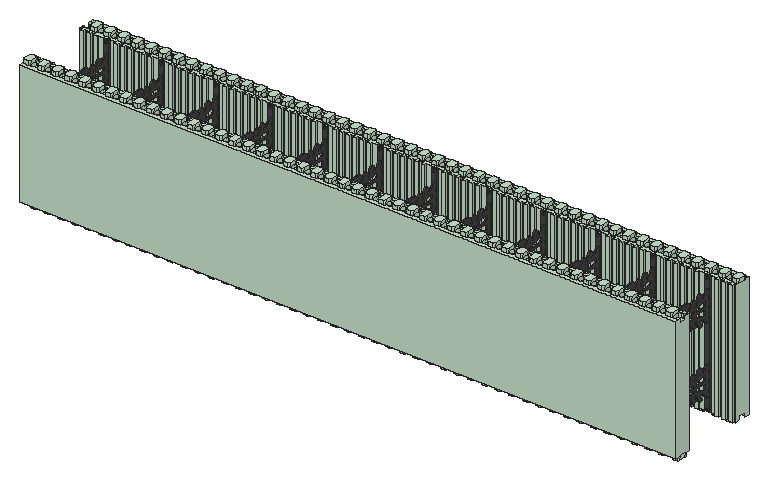
Revit family (continued)
Forms (mm)
  Extrusion 167, void
    sketch origin (1320.8, 0.026, 0) x (1, 0, 0) y (0, 1, 0)
      loop
        line (44.346, 92.457) -> (44.346, 86.829) -> (48.685, 86.829) -> (48.685, 95.62)
        arc (48.685, 95.62) -> (48.795, 96.199) -> (49.108, 96.698) r 1.588
        arc (49.108, 96.698) -> (50.362, 98.696) -> (50.8, 101.014) r 6.35
        line (50.8, 101.014) -> (50.8, 124.411)
        arc (50.8, 124.411) -> (49.585, 128.147) -> (46.404, 130.453) r 6.35
        arc (46.404, 130.453) -> (38.1, 131.763) -> (29.796, 130.453) r 26.987
        arc (29.796, 130.453) -> (26.615, 128.147) -> (25.4, 124.411) r 6.35
    from 0 to 12.7
  Extrusion 168, void
    sketch origin (1270, 0.026, 0) x (1, 0, 0) y (0, 1, 0)
      loop
        line (25.4, 124.411) -> (25.4, 101.014)
        arc (25.4, 101.014) -> (26.615, 97.278) -> (29.796, 94.972) r 6.35
        arc (29.796, 94.972) -> (36.091, 93.737) -> (42.5, 94.024) r 26.988
        arc (42.5, 94.024) -> (43.786, 93.668) -> (44.346, 92.457) r 1.587
        line (44.346, 92.457) -> (44.346, 86.829) -> (48.685, 86.829) -> (48.685, 95.62)
        arc (48.685, 95.62) -> (48.795, 96.199) -> (49.108, 96.698) r 1.588
        arc (49.108, 96.698) -> (50.362, 98.696) -> (50.8, 101.014) r 6.35
        line (50.8, 101.014) -> (50.8, 124.411)
        arc (50.8, 124.411) -> (49.585, 128.147) -> (46.404, 130.453) r 6.35
        arc (46.404, 130.453) -> (38.1, 131.763) -> (29.796, 130.453) r 26.987
        arc (29.796, 130.453) -> (26.615, 128.147) -> (25.4, 124.411) r 6.35
    from 0 to 12.7
  Extrusion 169, void
    sketch origin (1219.2, 0.026, 0) x (1, 0, 0) y (0, 1, 0)
      loop
        line (25.4, 124.411) -> (25.4, 101.014)
        arc (25.4, 101.014) -> (26.615, 97.278) -> (29.796, 94.972) r 6.35
        arc (29.796, 94.972) -> (36.091, 93.737) -> (42.5, 94.024) r 26.988
        arc (42.5, 94.024) -> (43.786, 93.668) -> (44.346, 92.457) r 1.587
        line (44.346, 92.457) -> (44.346, 86.829) -> (48.685, 86.829) -> (48.685, 95.62)
        arc (48.685, 95.62) -> (48.795, 96.199) -> (49.108, 96.698) r 1.588
        arc (49.108, 96.698) -> (50.362, 98.696) -> (50.8, 101.014) r 6.35
        line (50.8, 101.014) -> (50.8, 124.411)
        arc (50.8, 124.411) -> (49.585, 128.147) -> (46.404, 130.453) r 6.35
        arc (46.404, 130.453) -> (38.1, 131.763) -> (29.796, 130.453) r 26.987
        arc (29.796, 130.453) -> (26.615, 128.147) -> (25.4, 124.411) r 6.35
    from 0 to 12.7
  Extrusion 170, void
    sketch origin (1168.4, 0.026, 0) x (1, 0, 0) y (0, 1, 0)
      loop
        line (25.4, 124.411) -> (25.4, 101.014)
        arc (25.4, 101.014) -> (26.615, 97.278) -> (29.796, 94.972) r 6.35
        arc (29.796, 94.972) -> (36.091, 93.737) -> (42.5, 94.024) r 26.988
        arc (42.5, 94.024) -> (43.786, 93.668) -> (44.346, 92.457) r 1.587
        line (44.346, 92.457) -> (44.346, 86.829) -> (48.685, 86.829) -> (48.685, 95.62)
        arc (48.685, 95.62) -> (48.795, 96.199) -> (49.108, 96.698) r 1.588
        arc (49.108, 96.698) -> (50.362, 98.696) -> (50.8, 101.014) r 6.35
        line (50.8, 101.014) -> (50.8, 124.411)
        arc (50.8, 124.411) -> (49.585, 128.147) -> (46.404, 130.453) r 6.35
        arc (46.404, 130.453) -> (38.1, 131.763) -> (29.796, 130.453) r 26.987
        arc (29.796, 130.453) -> (26.615, 128.147) -> (25.4, 124.411) r 6.35
    from 0 to 12.7
  Extrusion 171, void
    sketch origin (1117.6, 0.026, 0) x (1, 0, 0) y (0, 1, 0)
      loop
        line (25.4, 124.411) -> (25.4, 101.014)
        arc (25.4, 101.014) -> (26.615, 97.278) -> (29.796, 94.972) r 6.35
        arc (29.796, 94.972) -> (36.091, 93.737) -> (42.5, 94.024) r 26.988
        arc (42.5, 94.024) -> (43.786, 93.668) -> (44.346, 92.457) r 1.587
        line (44.346, 92.457) -> (44.346, 86.829) -> (48.685, 86.829) -> (48.685, 95.62)
        arc (48.685, 95.62) -> (48.795, 96.199) -> (49.108, 96.698) r 1.588
        arc (49.108, 96.698) -> (50.362, 98.696) -> (50.8, 101.014) r 6.35
        line (50.8, 101.014) -> (50.8, 124.411)
        arc (50.8, 124.411) -> (49.585, 128.147) -> (46.404, 130.453) r 6.35
        arc (46.404, 130.453) -> (38.1, 131.763) -> (29.796, 130.453) r 26.987
        arc (29.796, 130.453) -> (26.615, 128.147) -> (25.4, 124.411) r 6.35
    from 0 to 12.7
  Extrusion 172, void
    sketch origin (1066.8, 0.026, 0) x (1, 0, 0) y (0, 1, 0)
      loop
        line (25.4, 124.411) -> (25.4, 101.014)
        arc (25.4, 101.014) -> (26.615, 97.278) -> (29.796, 94.972) r 6.35
        arc (29.796, 94.972) -> (36.091, 93.737) -> (42.5, 94.024) r 26.988
        arc (42.5, 94.024) -> (43.786, 93.668) -> (44.346, 92.457) r 1.587
        line (44.346, 92.457) -> (44.346, 86.829) -> (48.685, 86.829) -> (48.685, 95.62)
        arc (48.685, 95.62) -> (48.795, 96.199) -> (49.108, 96.698) r 1.588
        arc (49.108, 96.698) -> (50.362, 98.696) -> (50.8, 101.014) r 6.35
        line (50.8, 101.014) -> (50.8, 124.411)
        arc (50.8, 124.411) -> (49.585, 128.147) -> (46.404, 130.453) r 6.35
        arc (46.404, 130.453) -> (38.1, 131.763) -> (29.796, 130.453) r 26.987
        arc (29.796, 130.453) -> (26.615, 128.147) -> (25.4, 124.411) r 6.35
    from 0 to 12.7
  Extrusion 173, void
    sketch origin (1016, 0.026, 0) x (1, 0, 0) y (0, 1, 0)
      loop
        line (25.4, 124.411) -> (25.4, 101.014)
        arc (25.4, 101.014) -> (26.615, 97.278) -> (29.796, 94.972) r 6.35
        arc (29.796, 94.972) -> (36.091, 93.737) -> (42.5, 94.024) r 26.988
        arc (42.5, 94.024) -> (43.786, 93.668) -> (44.346, 92.457) r 1.587
        line (44.346, 92.457) -> (44.346, 86.829) -> (48.685, 86.829) -> (48.685, 95.62)
        arc (48.685, 95.62) -> (48.795, 96.199) -> (49.108, 96.698) r 1.588
        arc (49.108, 96.698) -> (50.362, 98.696) -> (50.8, 101.014) r 6.35
        line (50.8, 101.014) -> (50.8, 124.411)
        arc (50.8, 124.411) -> (49.585, 128.147) -> (46.404, 130.453) r 6.35
        arc (46.404, 130.453) -> (38.1, 131.763) -> (29.796, 130.453) r 26.987
        arc (29.796, 130.453) -> (26.615, 128.147) -> (25.4, 124.411) r 6.35
    from 0 to 12.7
  Extrusion 174, void
    sketch origin (965.2, 0.026, 0) x (1, 0, 0) y (0, 1, 0)
      loop
        line (25.4, 124.411) -> (25.4, 101.014)
        arc (25.4, 101.014) -> (26.615, 97.278) -> (29.796, 94.972) r 6.35
        arc (29.796, 94.972) -> (36.091, 93.737) -> (42.5, 94.024) r 26.988
        arc (42.5, 94.024) -> (43.786, 93.668) -> (44.346, 92.457) r 1.587
        line (44.346, 92.457) -> (44.346, 86.829) -> (48.685, 86.829) -> (48.685, 95.62)
        arc (48.685, 95.62) -> (48.795, 96.199) -> (49.108, 96.698) r 1.588
        arc (49.108, 96.698) -> (50.362, 98.696) -> (50.8, 101.014) r 6.35
        line (50.8, 101.014) -> (50.8, 124.411)
        arc (50.8, 124.411) -> (49.585, 128.147) -> (46.404, 130.453) r 6.35
        arc (46.404, 130.453) -> (38.1, 131.763) -> (29.796, 130.453) r 26.987
        arc (29.796, 130.453) -> (26.615, 128.147) -> (25.4, 124.411) r 6.35
    from 0 to 12.7
  Extrusion 175, void
    sketch origin (914.4, 0.026, 0) x (1, 0, 0) y (0, 1, 0)
      loop
        line (25.4, 124.411) -> (25.4, 101.014)
        arc (25.4, 101.014) -> (26.615, 97.278) -> (29.796, 94.972) r 6.35
        arc (29.796, 94.972) -> (36.091, 93.737) -> (42.5, 94.024) r 26.988
        arc (42.5, 94.024) -> (43.786, 93.668) -> (44.346, 92.457) r 1.587
        line (44.346, 92.457) -> (44.346, 86.829) -> (48.685, 86.829) -> (48.685, 95.62)
        arc (48.685, 95.62) -> (48.795, 96.199) -> (49.108, 96.698) r 1.588
        arc (49.108, 96.698) -> (50.362, 98.696) -> (50.8, 101.014) r 6.35
        line (50.8, 101.014) -> (50.8, 124.411)
        arc (50.8, 124.411) -> (49.585, 128.147) -> (46.404, 130.453) r 6.35
        arc (46.404, 130.453) -> (38.1, 131.763) -> (29.796, 130.453) r 26.987
        arc (29.796, 130.453) -> (26.615, 128.147) -> (25.4, 124.411) r 6.35
    from 0 to 12.7
  Extrusion 176, void
    sketch origin (863.6, 0.026, 0) x (1, 0, 0) y (0, 1, 0)
      loop
        line (25.4, 124.411) -> (25.4, 101.014)
        arc (25.4, 101.014) -> (26.615, 97.278) -> (29.796, 94.972) r 6.35
        arc (29.796, 94.972) -> (36.091, 93.737) -> (42.5, 94.024) r 26.988
        arc (42.5, 94.024) -> (43.786, 93.668) -> (44.346, 92.457) r 1.587
        line (44.346, 92.457) -> (44.346, 86.829) -> (48.685, 86.829) -> (48.685, 95.62)
        arc (48.685, 95.62) -> (48.795, 96.199) -> (49.108, 96.698) r 1.588
        arc (49.108, 96.698) -> (50.362, 98.696) -> (50.8, 101.014) r 6.35
        line (50.8, 101.014) -> (50.8, 124.411)
        arc (50.8, 124.411) -> (49.585, 128.147) -> (46.404, 130.453) r 6.35
        arc (46.404, 130.453) -> (38.1, 131.763) -> (29.796, 130.453) r 26.987
        arc (29.796, 130.453) -> (26.615, 128.147) -> (25.4, 124.411) r 6.35
    from 0 to 12.7
  Extrusion 177, void
    sketch origin (812.8, 0.026, 0) x (1, 0, 0) y (0, 1, 0)
      loop
        line (25.4, 124.411) -> (25.4, 101.014)
        arc (25.4, 101.014) -> (26.615, 97.278) -> (29.796, 94.972) r 6.35
        arc (29.796, 94.972) -> (36.091, 93.737) -> (42.5, 94.024) r 26.988
        arc (42.5, 94.024) -> (43.786, 93.668) -> (44.346, 92.457) r 1.587
        line (44.346, 92.457) -> (44.346, 86.829) -> (48.685, 86.829) -> (48.685, 95.62)
        arc (48.685, 95.62) -> (48.795, 96.199) -> (49.108, 96.698) r 1.588
        arc (49.108, 96.698) -> (50.362, 98.696) -> (50.8, 101.014) r 6.35
        line (50.8, 101.014) -> (50.8, 124.411)
        arc (50.8, 124.411) -> (49.585, 128.147) -> (46.404, 130.453) r 6.35
        arc (46.404, 130.453) -> (38.1, 131.763) -> (29.796, 130.453) r 26.987
        arc (29.796, 130.453) -> (26.615, 128.147) -> (25.4, 124.411) r 6.35
    from 0 to 12.7
  Extrusion 178, void
    sketch origin (762, 0.026, 0) x (1, 0, 0) y (0, 1, 0)
      loop
        line (25.4, 124.411) -> (25.4, 101.014)
        arc (25.4, 101.014) -> (26.615, 97.278) -> (29.796, 94.972) r 6.35
        arc (29.796, 94.972) -> (36.091, 93.737) -> (42.5, 94.024) r 26.988
        arc (42.5, 94.024) -> (43.786, 93.668) -> (44.346, 92.457) r 1.587
        line (44.346, 92.457) -> (44.346, 86.829) -> (48.685, 86.829) -> (48.685, 95.62)
        arc (48.685, 95.62) -> (48.795, 96.199) -> (49.108, 96.698) r 1.588
        arc (49.108, 96.698) -> (50.362, 98.696) -> (50.8, 101.014) r 6.35
        line (50.8, 101.014) -> (50.8, 124.411)
        arc (50.8, 124.411) -> (49.585, 128.147) -> (46.404, 130.453) r 6.35
        arc (46.404, 130.453) -> (38.1, 131.763) -> (29.796, 130.453) r 26.987
        arc (29.796, 130.453) -> (26.615, 128.147) -> (25.4, 124.411) r 6.35
    from 0 to 12.7
  Extrusion 179, void
    sketch origin (711.2, 0.026, 0) x (1, 0, 0) y (0, 1, 0)
      loop
        line (25.4, 124.411) -> (25.4, 101.014)
        arc (25.4, 101.014) -> (26.615, 97.278) -> (29.796, 94.972) r 6.35
        arc (29.796, 94.972) -> (36.091, 93.737) -> (42.5, 94.024) r 26.988
        arc (42.5, 94.024) -> (43.786, 93.668) -> (44.346, 92.457) r 1.587
        line (44.346, 92.457) -> (44.346, 86.829) -> (48.685, 86.829) -> (48.685, 95.62)
        arc (48.685, 95.62) -> (48.795, 96.199) -> (49.108, 96.698) r 1.588
        arc (49.108, 96.698) -> (50.362, 98.696) -> (50.8, 101.014) r 6.35
        line (50.8, 101.014) -> (50.8, 124.411)
        arc (50.8, 124.411) -> (49.585, 128.147) -> (46.404, 130.453) r 6.35
        arc (46.404, 130.453) -> (38.1, 131.763) -> (29.796, 130.453) r 26.987
        arc (29.796, 130.453) -> (26.615, 128.147) -> (25.4, 124.411) r 6.35
    from 0 to 12.7
  Extrusion 180, void
    sketch origin (660.4, 0.026, 0) x (1, 0, 0) y (0, 1, 0)
      loop
        line (25.4, 124.411) -> (25.4, 101.014)
        arc (25.4, 101.014) -> (26.615, 97.278) -> (29.796, 94.972) r 6.35
        arc (29.796, 94.972) -> (36.091, 93.737) -> (42.5, 94.024) r 26.988
        arc (42.5, 94.024) -> (43.786, 93.668) -> (44.346, 92.457) r 1.587
        line (44.346, 92.457) -> (44.346, 86.829) -> (48.685, 86.829) -> (48.685, 95.62)
        arc (48.685, 95.62) -> (48.795, 96.199) -> (49.108, 96.698) r 1.588
        arc (49.108, 96.698) -> (50.362, 98.696) -> (50.8, 101.014) r 6.35
        line (50.8, 101.014) -> (50.8, 124.411)
        arc (50.8, 124.411) -> (49.585, 128.147) -> (46.404, 130.453) r 6.35
        arc (46.404, 130.453) -> (38.1, 131.763) -> (29.796, 130.453) r 26.987
        arc (29.796, 130.453) -> (26.615, 128.147) -> (25.4, 124.411) r 6.35
    from 0 to 12.7
  Extrusion 181, void
    sketch origin (609.6, 0.026, 0) x (1, 0, 0) y (0, 1, 0)
      loop
        line (25.4, 124.411) -> (25.4, 101.014)
        arc (25.4, 101.014) -> (26.615, 97.278) -> (29.796, 94.972) r 6.35
        arc (29.796, 94.972) -> (36.091, 93.737) -> (42.5, 94.024) r 26.988
        arc (42.5, 94.024) -> (43.786, 93.668) -> (44.346, 92.457) r 1.587
        line (44.346, 92.457) -> (44.346, 86.829) -> (48.685, 86.829) -> (48.685, 95.62)
        arc (48.685, 95.62) -> (48.795, 96.199) -> (49.108, 96.698) r 1.588
        arc (49.108, 96.698) -> (50.362, 98.696) -> (50.8, 101.014) r 6.35
        line (50.8, 101.014) -> (50.8, 124.411)
        arc (50.8, 124.411) -> (49.585, 128.147) -> (46.404, 130.453) r 6.35
        arc (46.404, 130.453) -> (38.1, 131.763) -> (29.796, 130.453) r 26.987
        arc (29.796, 130.453) -> (26.615, 128.147) -> (25.4, 124.411) r 6.35
    from 0 to 12.7
  Extrusion 182, void
    sketch origin (558.8, 0.026, 0) x (1, 0, 0) y (0, 1, 0)
      loop
        line (25.4, 124.411) -> (25.4, 101.014)
        arc (25.4, 101.014) -> (26.615, 97.278) -> (29.796, 94.972) r 6.35
        arc (29.796, 94.972) -> (36.091, 93.737) -> (42.5, 94.024) r 26.988
        arc (42.5, 94.024) -> (43.786, 93.668) -> (44.346, 92.457) r 1.587
        line (44.346, 92.457) -> (44.346, 86.829) -> (48.685, 86.829) -> (48.685, 95.62)
        arc (48.685, 95.62) -> (48.795, 96.199) -> (49.108, 96.698) r 1.588
        arc (49.108, 96.698) -> (50.362, 98.696) -> (50.8, 101.014) r 6.35
        line (50.8, 101.014) -> (50.8, 124.411)
        arc (50.8, 124.411) -> (49.585, 128.147) -> (46.404, 130.453) r 6.35
        arc (46.404, 130.453) -> (38.1, 131.763) -> (29.796, 130.453) r 26.987
        arc (29.796, 130.453) -> (26.615, 128.147) -> (25.4, 124.411) r 6.35
    from 0 to 12.7
  Extrusion 183, void
    sketch origin (508, 0.026, 0) x (1, 0, 0) y (0, 1, 0)
      loop
        line (25.4, 124.411) -> (25.4, 101.014)
        arc (25.4, 101.014) -> (26.615, 97.278) -> (29.796, 94.972) r 6.35
        arc (29.796, 94.972) -> (36.091, 93.737) -> (42.5, 94.024) r 26.988
        arc (42.5, 94.024) -> (43.786, 93.668) -> (44.346, 92.457) r 1.587
        line (44.346, 92.457) -> (44.346, 86.829) -> (48.685, 86.829) -> (48.685, 95.62)
        arc (48.685, 95.62) -> (48.795, 96.199) -> (49.108, 96.698) r 1.588
        arc (49.108, 96.698) -> (50.362, 98.696) -> (50.8, 101.014) r 6.35
        line (50.8, 101.014) -> (50.8, 124.411)
        arc (50.8, 124.411) -> (49.585, 128.147) -> (46.404, 130.453) r 6.35
        arc (46.404, 130.453) -> (38.1, 131.763) -> (29.796, 130.453) r 26.987
        arc (29.796, 130.453) -> (26.615, 128.147) -> (25.4, 124.411) r 6.35
    from 0 to 12.7
  Extrusion 184, void
    sketch origin (457.2, 0.026, 0) x (1, 0, 0) y (0, 1, 0)
      loop
        line (25.4, 124.411) -> (25.4, 101.014)
        arc (25.4, 101.014) -> (26.615, 97.278) -> (29.796, 94.972) r 6.35
        arc (29.796, 94.972) -> (36.091, 93.737) -> (42.5, 94.024) r 26.988
        arc (42.5, 94.024) -> (43.786, 93.668) -> (44.346, 92.457) r 1.587
        line (44.346, 92.457) -> (44.346, 86.829) -> (48.685, 86.829) -> (48.685, 95.62)
        arc (48.685, 95.62) -> (48.795, 96.199) -> (49.108, 96.698) r 1.588
        arc (49.108, 96.698) -> (50.362, 98.696) -> (50.8, 101.014) r 6.35
        line (50.8, 101.014) -> (50.8, 124.411)
        arc (50.8, 124.411) -> (49.585, 128.147) -> (46.404, 130.453) r 6.35
        arc (46.404, 130.453) -> (38.1, 131.763) -> (29.796, 130.453) r 26.987
        arc (29.796, 130.453) -> (26.615, 128.147) -> (25.4, 124.411) r 6.35
    from 0 to 12.7
  Extrusion 185, void
    sketch origin (406.4, 0.026, 0) x (1, 0, 0) y (0, 1, 0)
      loop
        line (25.4, 124.411) -> (25.4, 101.014)
        arc (25.4, 101.014) -> (26.615, 97.278) -> (29.796, 94.972) r 6.35
        arc (29.796, 94.972) -> (36.091, 93.737) -> (42.5, 94.024) r 26.988
        arc (42.5, 94.024) -> (43.786, 93.668) -> (44.346, 92.457) r 1.587
        line (44.346, 92.457) -> (44.346, 86.829) -> (48.685, 86.829) -> (48.685, 95.62)
        arc (48.685, 95.62) -> (48.795, 96.199) -> (49.108, 96.698) r 1.588
        arc (49.108, 96.698) -> (50.362, 98.696) -> (50.8, 101.014) r 6.35
        line (50.8, 101.014) -> (50.8, 124.411)
        arc (50.8, 124.411) -> (49.585, 128.147) -> (46.404, 130.453) r 6.35
        arc (46.404, 130.453) -> (38.1, 131.763) -> (29.796, 130.453) r 26.987
        arc (29.796, 130.453) -> (26.615, 128.147) -> (25.4, 124.411) r 6.35
    from 0 to 12.7
  Extrusion 186, void
    sketch origin (355.6, 0.026, 0) x (1, 0, 0) y (0, 1, 0)
      loop
        line (25.4, 124.411) -> (25.4, 101.014)
        arc (25.4, 101.014) -> (26.615, 97.278) -> (29.796, 94.972) r 6.35
        arc (29.796, 94.972) -> (36.091, 93.737) -> (42.5, 94.024) r 26.988
        arc (42.5, 94.024) -> (43.786, 93.668) -> (44.346, 92.457) r 1.587
        line (44.346, 92.457) -> (44.346, 86.829) -> (48.685, 86.829) -> (48.685, 95.62)
        arc (48.685, 95.62) -> (48.795, 96.199) -> (49.108, 96.698) r 1.588
        arc (49.108, 96.698) -> (50.362, 98.696) -> (50.8, 101.014) r 6.35
        line (50.8, 101.014) -> (50.8, 124.411)
        arc (50.8, 124.411) -> (49.585, 128.147) -> (46.404, 130.453) r 6.35
        arc (46.404, 130.453) -> (38.1, 131.763) -> (29.796, 130.453) r 26.987
        arc (29.796, 130.453) -> (26.615, 128.147) -> (25.4, 124.411) r 6.35
    from 0 to 12.7
  Extrusion 187, void
    sketch origin (304.8, 0.026, 0) x (1, 0, 0) y (0, 1, 0)
      loop
        line (25.4, 124.411) -> (25.4, 101.014)
        arc (25.4, 101.014) -> (26.615, 97.278) -> (29.796, 94.972) r 6.35
        arc (29.796, 94.972) -> (36.091, 93.737) -> (42.5, 94.024) r 26.988
        arc (42.5, 94.024) -> (43.786, 93.668) -> (44.346, 92.457) r 1.587
        line (44.346, 92.457) -> (44.346, 86.829) -> (48.685, 86.829) -> (48.685, 95.62)
        arc (48.685, 95.62) -> (48.795, 96.199) -> (49.108, 96.698) r 1.588
        arc (49.108, 96.698) -> (50.362, 98.696) -> (50.8, 101.014) r 6.35
        line (50.8, 101.014) -> (50.8, 124.411)
        arc (50.8, 124.411) -> (49.585, 128.147) -> (46.404, 130.453) r 6.35
        arc (46.404, 130.453) -> (38.1, 131.763) -> (29.796, 130.453) r 26.987
        arc (29.796, 130.453) -> (26.615, 128.147) -> (25.4, 124.411) r 6.35
    from 0 to 12.7
  Extrusion 188, void
    sketch origin (254, 0.026, 0) x (1, 0, 0) y (0, 1, 0)
      loop
        line (25.4, 124.411) -> (25.4, 101.014)
        arc (25.4, 101.014) -> (26.615, 97.278) -> (29.796, 94.972) r 6.35
        arc (29.796, 94.972) -> (36.091, 93.737) -> (42.5, 94.024) r 26.988
        arc (42.5, 94.024) -> (43.786, 93.668) -> (44.346, 92.457) r 1.587
        line (44.346, 92.457) -> (44.346, 86.829) -> (48.685, 86.829) -> (48.685, 95.62)
        arc (48.685, 95.62) -> (48.795, 96.199) -> (49.108, 96.698) r 1.588
        arc (49.108, 96.698) -> (50.362, 98.696) -> (50.8, 101.014) r 6.35
        line (50.8, 101.014) -> (50.8, 124.411)
        arc (50.8, 124.411) -> (49.585, 128.147) -> (46.404, 130.453) r 6.35
        arc (46.404, 130.453) -> (38.1, 131.763) -> (29.796, 130.453) r 26.987
        arc (29.796, 130.453) -> (26.615, 128.147) -> (25.4, 124.411) r 6.35
    from 0 to 12.7
  Extrusion 189, void
    sketch origin (203.2, 0.026, 0) x (1, 0, 0) y (0, 1, 0)
      loop
        line (25.4, 124.411) -> (25.4, 101.014)
        arc (25.4, 101.014) -> (26.615, 97.278) -> (29.796, 94.972) r 6.35
        arc (29.796, 94.972) -> (36.091, 93.737) -> (42.5, 94.024) r 26.988
        arc (42.5, 94.024) -> (43.786, 93.668) -> (44.346, 92.457) r 1.587
        line (44.346, 92.457) -> (44.346, 86.829) -> (48.685, 86.829) -> (48.685, 95.62)
        arc (48.685, 95.62) -> (48.795, 96.199) -> (49.108, 96.698) r 1.588
        arc (49.108, 96.698) -> (50.362, 98.696) -> (50.8, 101.014) r 6.35
        line (50.8, 101.014) -> (50.8, 124.411)
        arc (50.8, 124.411) -> (49.585, 128.147) -> (46.404, 130.453) r 6.35
        arc (46.404, 130.453) -> (38.1, 131.763) -> (29.796, 130.453) r 26.987
        arc (29.796, 130.453) -> (26.615, 128.147) -> (25.4, 124.411) r 6.35
    from 0 to 12.7
  Extrusion 190, void
    sketch origin (152.4, 0.026, 0) x (1, 0, 0) y (0, 1, 0)
      loop
        line (25.4, 124.411) -> (25.4, 101.014)
        arc (25.4, 101.014) -> (26.615, 97.278) -> (29.796, 94.972) r 6.35
        arc (29.796, 94.972) -> (36.091, 93.737) -> (42.5, 94.024) r 26.988
        arc (42.5, 94.024) -> (43.786, 93.668) -> (44.346, 92.457) r 1.587
        line (44.346, 92.457) -> (44.346, 86.829) -> (48.685, 86.829) -> (48.685, 95.62)
        arc (48.685, 95.62) -> (48.795, 96.199) -> (49.108, 96.698) r 1.588
        arc (49.108, 96.698) -> (50.362, 98.696) -> (50.8, 101.014) r 6.35
        line (50.8, 101.014) -> (50.8, 124.411)
        arc (50.8, 124.411) -> (49.585, 128.147) -> (46.404, 130.453) r 6.35
        arc (46.404, 130.453) -> (38.1, 131.763) -> (29.796, 130.453) r 26.987
        arc (29.796, 130.453) -> (26.615, 128.147) -> (25.4, 124.411) r 6.35
    from 0 to 12.7
  Extrusion 191, void
    sketch origin (101.6, 0.026, 0) x (1, 0, 0) y (0, 1, 0)
      loop
        line (25.4, 124.411) -> (25.4, 101.014)
        arc (25.4, 101.014) -> (26.615, 97.278) -> (29.796, 94.972) r 6.35
        arc (29.796, 94.972) -> (36.091, 93.737) -> (42.5, 94.024) r 26.988
        arc (42.5, 94.024) -> (43.786, 93.668) -> (44.346, 92.457) r 1.587
        line (44.346, 92.457) -> (44.346, 86.829) -> (48.685, 86.829) -> (48.685, 95.62)
        arc (48.685, 95.62) -> (48.795, 96.199) -> (49.108, 96.698) r 1.588
        arc (49.108, 96.698) -> (50.362, 98.696) -> (50.8, 101.014) r 6.35
        line (50.8, 101.014) -> (50.8, 124.411)
        arc (50.8, 124.411) -> (49.585, 128.147) -> (46.404, 130.453) r 6.35
        arc (46.404, 130.453) -> (38.1, 131.763) -> (29.796, 130.453) r 26.987
        arc (29.796, 130.453) -> (26.615, 128.147) -> (25.4, 124.411) r 6.35
    from 0 to 12.7
  Extrusion 192, void
    sketch origin (50.8, 0.026, 0) x (1, 0, 0) y (0, 1, 0)
      loop
        line (25.4, 124.411) -> (25.4, 101.014)
        arc (25.4, 101.014) -> (26.615, 97.278) -> (29.796, 94.972) r 6.35
        arc (29.796, 94.972) -> (36.091, 93.737) -> (42.5, 94.024) r 26.988
        arc (42.5, 94.024) -> (43.786, 93.668) -> (44.346, 92.457) r 1.587
        line (44.346, 92.457) -> (44.346, 86.829) -> (48.685, 86.829) -> (48.685, 95.62)
        arc (48.685, 95.62) -> (48.795, 96.199) -> (49.108, 96.698) r 1.588
        arc (49.108, 96.698) -> (50.362, 98.696) -> (50.8, 101.014) r 6.35
        line (50.8, 101.014) -> (50.8, 124.411)
        arc (50.8, 124.411) -> (49.585, 128.147) -> (46.404, 130.453) r 6.35
        arc (46.404, 130.453) -> (38.1, 131.763) -> (29.796, 130.453) r 26.987
        arc (29.796, 130.453) -> (26.615, 128.147) -> (25.4, 124.411) r 6.35
    from 0 to 12.7
  Extrusion 193, void
    sketch origin (0, 0.026, 0) x (1, 0, 0) y (0, 1, 0)
      loop
        line (25.4, 124.411) -> (25.4, 101.014)
        arc (25.4, 101.014) -> (26.615, 97.278) -> (29.796, 94.972) r 6.35
        arc (29.796, 94.972) -> (36.091, 93.737) -> (42.5, 94.024) r 26.988
        arc (42.5, 94.024) -> (43.786, 93.668) -> (44.346, 92.457) r 1.587
        line (44.346, 92.457) -> (44.346, 86.829) -> (48.685, 86.829) -> (48.685, 95.62)
        arc (48.685, 95.62) -> (48.795, 96.199) -> (49.108, 96.698) r 1.588
        arc (49.108, 96.698) -> (50.362, 98.696) -> (50.8, 101.014) r 6.35
        line (50.8, 101.014) -> (50.8, 124.411)
        arc (50.8, 124.411) -> (49.585, 128.147) -> (46.404, 130.453) r 6.35
        arc (46.404, 130.453) -> (38.1, 131.763) -> (29.796, 130.453) r 26.987
        arc (29.796, 130.453) -> (26.615, 128.147) -> (25.4, 124.411) r 6.35
    from 0 to 12.7
Cuts and joins
  Extrusion 2, Extrusion 3, Extrusion 4, Extrusion 5, Extrusion 6, Extrusion 7, Extrusion 8, Extrusion 9, Extrusion 10, Extrusion 11, Extrusion 12, Extrusion 13, Extrusion 14, Extrusion 15, Extrusion 16, Extrusion 17, Extrusion 18, Extrusion 19, Extrusion 20, Extrusion 21, Extrusion 22, Extrusion 23, Extrusion 24, Extrusion 25, Extrusion 26, Extrusion 27, Extrusion 28, Extrusion 29, Extrusion 30, Extrusion 31, Extrusion 32, Extrusion 33, Extrusion 34, Extrusion 35, Extrusion 36, Extrusion 37, Extrusion 38, Extrusion 39, Extrusion 40, Extrusion 41, Extrusion 42, Extrusion 43, Extrusion 44, Extrusion 45, Extrusion 46, Extrusion 47, Extrusion 48, Extrusion 49, Extrusion 50, Extrusion 51, Extrusion 52, Extrusion 53, Extrusion 54, Extrusion 55, Extrusion 56, Extrusion 57, Extrusion 58, Extrusion 59, Extrusion 60, Extrusion 61, Extrusion 62, Extrusion 63, Extrusion 64, Extrusion 65, Extrusion 66, Extrusion 67, Extrusion 68, Extrusion 69, Extrusion 70, Extrusion 71, Extrusion 72, Extrusion 73, Extrusion 74, Extrusion 75, Extrusion 76, Extrusion 77, Extrusion 78, Extrusion 79, Extrusion 80, Extrusion 81, Extrusion 82, Extrusion 83, Extrusion 84, Extrusion 85, Extrusion 86, Extrusion 87, Extrusion 88, Extrusion 89, Extrusion 90, Extrusion 91, Extrusion 92, Extrusion 93, Extrusion 94, Extrusion 95, Extrusion 96, Extrusion 97, Extrusion 98, Extrusion 99, Extrusion 100, Extrusion 101, Extrusion 102, Extrusion 103, Extrusion 104, Extrusion 105, Extrusion 106, Extrusion 107, Extrusion 108, Extrusion 109, Extrusion 110, Extrusion 111, Extrusion 112, Extrusion 113, Extrusion 114, Extrusion 115, Extrusion 116, Extrusion 117, Extrusion 118, Extrusion 119, Extrusion 120, Extrusion 121, Extrusion 122, Extrusion 123, Extrusion 124, Extrusion 125, Extrusion 126, Extrusion 127, Extrusion 128, Extrusion 129, Extrusion 130, Extrusion 131, Extrusion 132, Extrusion 133, Extrusion 134, Extrusion 135, Extrusion 136, Extrusion 137, Extrusion 138, Extrusion 139, Extrusion 140, Extrusion 141, Extrusion 142, Extrusion 143, Extrusion 144, Extrusion 145, Extrusion 146, Extrusion 147, Extrusion 148, Extrusion 149, Extrusion 150, Extrusion 151, Extrusion 152, Extrusion 153, Extrusion 154, Extrusion 155, Extrusion 156, Extrusion 157, Extrusion 158, Extrusion 159, Extrusion 160, Extrusion 161, Extrusion 162, Extrusion 163, Extrusion 164, Extrusion 165, Extrusion 166, Extrusion 167, Extrusion 168, Extrusion 169, Extrusion 170, Extrusion 171, Extrusion 172, Extrusion 173, Extrusion 174, Extrusion 175, Extrusion 176, Extrusion 177, Extrusion 178, Extrusion 179, Extrusion 180, Extrusion 181, Extrusion 182, Extrusion 183, Extrusion 184, Extrusion 185, Extrusion 186, Extrusion 187, Extrusion 188, Extrusion 189, Extrusion 190, Extrusion 191, Extrusion 192, Extrusion 193 cuts Extrusion 1
Lines and regions (mm)
  model lines
    curve 1: line (203.2, -193.649, 457.2) -> (203.2, -193.649, 0)
    curve 2: line (2235.2, 142.901, 457.2) -> (2235.2, 142.901, 0)
    curve 3: line (1625.6, 142.901, 457.2) -> (1625.6, 142.901, 0)
    curve 4: line (1016, 142.901, 457.2) -> (1016, 142.901, 0)
    curve 5: line (406.4, 142.901, 457.2) -> (406.4, 142.901, 0)
Dimensions and locks
  aligned and locked: level to plane 2
  aligned and locked: level to Extrusion 1
Nested families
  nested 1: "NUDURA Diamond Pattern" at (0, -50.774, 0), type "NUDURA Diamond Pattern"
  nested 2: "NUDURA Diamond Pattern" at (406.4, -50.774, 0), type "NUDURA Diamond Pattern"
  nested 3: "NUDURA Diamond Pattern" at (609.6, -50.774, 0), type "NUDURA Diamond Pattern"
  nested 4: "NUDURA Diamond Pattern" at (1016, -50.774, 0), type "NUDURA Diamond Pattern"
  nested 5: "NUDURA Diamond Pattern" at (1219.2, -50.774, 0), type "NUDURA Diamond Pattern"
  nested 6: "NUDURA Diamond Pattern" at (1625.6, -50.774, 0), type "NUDURA Diamond Pattern"
  nested 7: "NUDURA Diamond Pattern" at (1828.8, -50.774, 0), type "NUDURA Diamond Pattern"
  nested 8: "NUDURA Diamond Pattern" at (2235.2, -50.774, 0), type "NUDURA Diamond Pattern"
  nested 9: "NUDURA Diamond Pattern" at (0, 0.026, 0), type "NUDURA Diamond Pattern"
  nested 10: "NUDURA Diamond Pattern" at (1219.2, 0.026, 0), type "NUDURA Diamond Pattern"
  nested 11: "NUDURA Diamond Pattern" at (1625.6, 0.026, 0), type "NUDURA Diamond Pattern"
  nested 12: "NUDURA Diamond Pattern" at (1828.8, 0.026, 0), type "NUDURA Diamond Pattern"
  nested 13: "NUDURA Diamond Pattern" at (2235.2, 0.026, 0), type "NUDURA Diamond Pattern"
  nested 14: "Interlock Tooth" at (0, -50.774, 0), type "Interlock Tooth"
  nested 15: "Interlock Tooth" at (50.8, -50.774, 0), type "Interlock Tooth"
  nested 16: "Interlock Tooth" at (101.6, -50.774, 0), type "Interlock Tooth"
  nested 17: "Interlock Tooth" at (152.4, -50.774, 0), type "Interlock Tooth"
  nested 18: "Interlock Tooth" at (203.2, -50.774, 0), type "Interlock Tooth"
  nested 19: "Interlock Tooth" at (254, -50.774, 0), type "Interlock Tooth"
  nested 20: "Interlock Tooth" at (304.8, -50.774, 0), type "Interlock Tooth"
  nested 21: "Interlock Tooth" at (355.6, -50.774, 0), type "Interlock Tooth"
  nested 22: "Interlock Tooth" at (406.4, -50.774, 0), type "Interlock Tooth"
  nested 23: "Interlock Tooth" at (457.2, -50.774, 0), type "Interlock Tooth"
  nested 24: "Interlock Tooth" at (508, -50.774, 0), type "Interlock Tooth"
  nested 25: "Interlock Tooth" at (558.8, -50.774, 0), type "Interlock Tooth"
  nested 26: "Interlock Tooth" at (609.6, -50.774, 0), type "Interlock Tooth"
  nested 27: "Interlock Tooth" at (660.4, -50.774, 0), type "Interlock Tooth"
  nested 28: "Interlock Tooth" at (711.2, -50.774, 0), type "Interlock Tooth"
  nested 29: "Interlock Tooth" at (762, -50.774, 0), type "Interlock Tooth"
  nested 30: "Interlock Tooth" at (812.8, -50.774, 0), type "Interlock Tooth"
  nested 31: "Interlock Tooth" at (863.6, -50.774, 0), type "Interlock Tooth"
  nested 32: "Interlock Tooth" at (914.4, -50.774, 0), type "Interlock Tooth"
  nested 33: "Interlock Tooth" at (965.2, -50.774, 0), type "Interlock Tooth"
  nested 34: "Interlock Tooth" at (1016, -50.774, 0), type "Interlock Tooth"
  nested 35: "Interlock Tooth" at (1066.8, -50.774, 0), type "Interlock Tooth"
  nested 36: "Interlock Tooth" at (1117.6, -50.774, 0), type "Interlock Tooth"
  nested 37: "Interlock Tooth" at (1168.4, -50.774, 0), type "Interlock Tooth"
  nested 38: "Interlock Tooth" at (1219.2, -50.774, 0), type "Interlock Tooth"
  nested 39: "Interlock Tooth" at (1270, -50.774, 0), type "Interlock Tooth"
  nested 40: "Interlock Tooth" at (1320.8, -50.774, 0), type "Interlock Tooth"
  nested 41: "Interlock Tooth" at (1371.6, -50.774, 0), type "Interlock Tooth"
  nested 42: "Interlock Tooth" at (1422.4, -50.774, 0), type "Interlock Tooth"
  nested 43: "Interlock Tooth" at (1473.2, -50.774, 0), type "Interlock Tooth"
  nested 44: "Interlock Tooth" at (1524, -50.774, 0), type "Interlock Tooth"
  nested 45: "Interlock Tooth" at (1574.8, -50.774, 0), type "Interlock Tooth"
  nested 46: "Interlock Tooth" at (1625.6, -50.774, 0), type "Interlock Tooth"
  nested 47: "Interlock Tooth" at (1676.4, -50.774, 0), type "Interlock Tooth"
  nested 48: "Interlock Tooth" at (1727.2, -50.774, 0), type "Interlock Tooth"
  nested 49: "Interlock Tooth" at (1778, -50.774, 0), type "Interlock Tooth"
  nested 50: "Interlock Tooth" at (1828.8, -50.774, 0), type "Interlock Tooth"
  nested 51: "Interlock Tooth" at (1879.6, -50.774, 0), type "Interlock Tooth"
  nested 52: "Interlock Tooth" at (1930.4, -50.774, 0), type "Interlock Tooth"
  nested 53: "Interlock Tooth" at (1981.2, -50.774, 0), type "Interlock Tooth"
  nested 54: "Interlock Tooth" at (2032, -50.774, 0), type "Interlock Tooth"
  nested 55: "Interlock Tooth" at (2082.8, -50.774, 0), type "Interlock Tooth"
  nested 56: "Interlock Tooth" at (2133.6, -50.774, 0), type "Interlock Tooth"
  nested 57: "Interlock Tooth" at (2184.4, -50.774, 0), type "Interlock Tooth"
  nested 58: "Interlock Tooth" at (2235.2, -50.774, 0), type "Interlock Tooth"
  nested 59: "Interlock Tooth" at (2286, -50.774, 0), type "Interlock Tooth"
  nested 60: "Interlock Tooth" at (2336.8, -50.774, 0), type "Interlock Tooth"
  nested 61: "Interlock Tooth" at (2387.6, -50.774, 0), type "Interlock Tooth"
  nested 62: "Interlock Tooth" at (25.4, 225.451, 0), type "Interlock Tooth"
  nested 63: "Interlock Tooth" at (76.2, 225.451, 0), type "Interlock Tooth"
  nested 64: "Interlock Tooth" at (127, 225.451, 0), type "Interlock Tooth"
  nested 65: "Interlock Tooth" at (177.8, 225.451, 0), type "Interlock Tooth"
  nested 66: "Interlock Tooth" at (228.6, 225.451, 0), type "Interlock Tooth"
  nested 67: "Interlock Tooth" at (279.4, 225.451, 0), type "Interlock Tooth"
  nested 68: "Interlock Tooth" at (330.2, 225.451, 0), type "Interlock Tooth"
  nested 69: "Interlock Tooth" at (381, 225.451, 0), type "Interlock Tooth"
  nested 70: "Interlock Tooth" at (431.8, 225.451, 0), type "Interlock Tooth"
  nested 71: "Interlock Tooth" at (482.6, 225.451, 0), type "Interlock Tooth"
  nested 72: "Interlock Tooth" at (533.4, 225.451, 0), type "Interlock Tooth"
  nested 73: "Interlock Tooth" at (584.2, 225.451, 0), type "Interlock Tooth"
  nested 74: "Interlock Tooth" at (635, 225.451, 0), type "Interlock Tooth"
  nested 75: "Interlock Tooth" at (685.8, 225.451, 0), type "Interlock Tooth"
  nested 76: "Interlock Tooth" at (736.6, 225.451, 0), type "Interlock Tooth"
  nested 77: "Interlock Tooth" at (787.4, 225.451, 0), type "Interlock Tooth"
  nested 78: "Interlock Tooth" at (838.2, 225.451, 0), type "Interlock Tooth"
  nested 79: "Interlock Tooth" at (889, 225.451, 0), type "Interlock Tooth"
  nested 80: "Interlock Tooth" at (939.8, 225.451, 0), type "Interlock Tooth"
  nested 81: "Interlock Tooth" at (990.6, 225.451, 0), type "Interlock Tooth"
  nested 82: "Interlock Tooth" at (1041.4, 225.451, 0), type "Interlock Tooth"
  nested 83: "Interlock Tooth" at (1092.2, 225.451, 0), type "Interlock Tooth"
  nested 84: "Interlock Tooth" at (1143, 225.451, 0), type "Interlock Tooth"
  nested 85: "Interlock Tooth" at (1193.8, 225.451, 0), type "Interlock Tooth"
  nested 86: "Interlock Tooth" at (1244.6, 225.451, 0), type "Interlock Tooth"
  nested 87: "Interlock Tooth" at (1295.4, 225.451, 0), type "Interlock Tooth"
  nested 88: "Interlock Tooth" at (1346.2, 225.451, 0), type "Interlock Tooth"
  nested 89: "Interlock Tooth" at (1397, 225.451, 0), type "Interlock Tooth"
  nested 90: "Interlock Tooth" at (1447.8, 225.451, 0), type "Interlock Tooth"
  nested 91: "Interlock Tooth" at (1498.6, 225.451, 0), type "Interlock Tooth"
  nested 92: "Interlock Tooth" at (1549.4, 225.451, 0), type "Interlock Tooth"
  nested 93: "Interlock Tooth" at (1600.2, 225.451, 0), type "Interlock Tooth"
  nested 94: "Interlock Tooth" at (1651, 225.451, 0), type "Interlock Tooth"
  nested 95: "Interlock Tooth" at (1701.8, 225.451, 0), type "Interlock Tooth"
  nested 96: "Interlock Tooth" at (1752.6, 225.451, 0), type "Interlock Tooth"
  nested 97: "Interlock Tooth" at (1803.4, 225.451, 0), type "Interlock Tooth"
  nested 98: "Interlock Tooth" at (1854.2, 225.451, 0), type "Interlock Tooth"
  nested 99: "Interlock Tooth" at (1905, 225.451, 0), type "Interlock Tooth"
  nested 100: "Interlock Tooth" at (1955.8, 225.451, 0), type "Interlock Tooth"
  nested 101: "Interlock Tooth" at (2006.6, 225.451, 0), type "Interlock Tooth"
  nested 102: "Interlock Tooth" at (2057.4, 225.451, 0), type "Interlock Tooth"
  nested 103: "Interlock Tooth" at (2108.2, 225.451, 0), type "Interlock Tooth"
  nested 104: "Interlock Tooth" at (2159, 225.451, 0), type "Interlock Tooth"
  nested 105: "Interlock Tooth" at (2209.8, 225.451, 0), type "Interlock Tooth"
  nested 106: "Interlock Tooth" at (2260.6, 225.451, 0), type "Interlock Tooth"
  nested 107: "Interlock Tooth" at (2311.4, 225.451, 0), type "Interlock Tooth"
  nested 108: "Interlock Tooth" at (2362.2, 225.451, 0), type "Interlock Tooth"
  nested 109: "Interlock Tooth" at (2413, 225.451, 0), type "Interlock Tooth"
  nested 110: "Interlock Tooth" at (25.4, -276.199, -469.9), type "Interlock Tooth"
  nested 111: "Interlock Tooth" at (76.2, -276.199, -469.9), type "Interlock Tooth"
  nested 112: "Interlock Tooth" at (127, -276.199, -469.9), type "Interlock Tooth"
  nested 113: "Interlock Tooth" at (177.8, -276.199, -469.9), type "Interlock Tooth"
  nested 114: "Interlock Tooth" at (228.6, -276.199, -469.9), type "Interlock Tooth"
  nested 115: "Interlock Tooth" at (279.4, -276.199, -469.9), type "Interlock Tooth"
  nested 116: "Interlock Tooth" at (330.2, -276.199, -469.9), type "Interlock Tooth"
  nested 117: "Interlock Tooth" at (381, -276.199, -469.9), type "Interlock Tooth"
  nested 118: "Interlock Tooth" at (431.8, -276.199, -469.9), type "Interlock Tooth"
  nested 119: "Interlock Tooth" at (482.6, -276.199, -469.9), type "Interlock Tooth"
  nested 120: "Interlock Tooth" at (533.4, -276.199, -469.9), type "Interlock Tooth"
  nested 121: "Interlock Tooth" at (584.2, -276.199, -469.9), type "Interlock Tooth"
  nested 122: "Interlock Tooth" at (635, -276.199, -469.9), type "Interlock Tooth"
  nested 123: "Interlock Tooth" at (685.8, -276.199, -469.9), type "Interlock Tooth"
  nested 124: "Interlock Tooth" at (736.6, -276.199, -469.9), type "Interlock Tooth"
  nested 125: "Interlock Tooth" at (787.4, -276.199, -469.9), type "Interlock Tooth"
  nested 126: "Interlock Tooth" at (838.2, -276.199, -469.9), type "Interlock Tooth"
  nested 127: "Interlock Tooth" at (889, -276.199, -469.9), type "Interlock Tooth"
  nested 128: "Interlock Tooth" at (939.8, -276.199, -469.9), type "Interlock Tooth"
  nested 129: "Interlock Tooth" at (990.6, -276.199, -469.9), type "Interlock Tooth"
  nested 130: "Interlock Tooth" at (1041.4, -276.199, -469.9), type "Interlock Tooth"
  nested 131: "Interlock Tooth" at (1092.2, -276.199, -469.9), type "Interlock Tooth"
  nested 132: "Interlock Tooth" at (1143, -276.199, -469.9), type "Interlock Tooth"
  nested 133: "Interlock Tooth" at (1193.8, -276.199, -469.9), type "Interlock Tooth"
  nested 134: "Interlock Tooth" at (1244.6, -276.199, -469.9), type "Interlock Tooth"
  nested 135: "Interlock Tooth" at (1295.4, -276.199, -469.9), type "Interlock Tooth"
  nested 136: "Interlock Tooth" at (1346.2, -276.199, -469.9), type "Interlock Tooth"
  nested 137: "Interlock Tooth" at (1397, -276.199, -469.9), type "Interlock Tooth"
  nested 138: "Interlock Tooth" at (1447.8, -276.199, -469.9), type "Interlock Tooth"
  nested 139: "Interlock Tooth" at (1498.6, -276.199, -469.9), type "Interlock Tooth"
  nested 140: "Interlock Tooth" at (1549.4, -276.199, -469.9), type "Interlock Tooth"
  nested 141: "Interlock Tooth" at (1600.2, -276.199, -469.9), type "Interlock Tooth"
  nested 142: "Interlock Tooth" at (1651, -276.199, -469.9), type "Interlock Tooth"
  nested 143: "Interlock Tooth" at (1701.8, -276.199, -469.9), type "Interlock Tooth"
  nested 144: "Interlock Tooth" at (1752.6, -276.199, -469.9), type "Interlock Tooth"
  nested 145: "Interlock Tooth" at (1803.4, -276.199, -469.9), type "Interlock Tooth"
  nested 146: "Interlock Tooth" at (1854.2, -276.199, -469.9), type "Interlock Tooth"
  nested 147: "Interlock Tooth" at (1905, -276.199, -469.9), type "Interlock Tooth"
  nested 148: "Interlock Tooth" at (1955.8, -276.199, -469.9), type "Interlock Tooth"
  nested 149: "Interlock Tooth" at (2006.6, -276.199, -469.9), type "Interlock Tooth"
  nested 150: "Interlock Tooth" at (2057.4, -276.199, -469.9), type "Interlock Tooth"
  nested 151: "Interlock Tooth" at (2108.2, -276.199, -469.9), type "Interlock Tooth"
  nested 152: "Interlock Tooth" at (2159, -276.199, -469.9), type "Interlock Tooth"
  nested 153: "Interlock Tooth" at (2209.8, -276.199, -469.9), type "Interlock Tooth"
  nested 154: "Interlock Tooth" at (2260.6, -276.199, -469.9), type "Interlock Tooth"
  nested 155: "Interlock Tooth" at (2311.4, -276.199, -469.9), type "Interlock Tooth"
  nested 156: "Interlock Tooth" at (2362.2, -276.199, -469.9), type "Interlock Tooth"
  nested 157: "Interlock Tooth" at (2413, -276.199, -469.9), type "Interlock Tooth"
  nested 158: "Interlock Tooth" at (0, 0.026, -469.9), type "Interlock Tooth"
  nested 159: "Interlock Tooth" at (50.8, 0.026, -469.9), type "Interlock Tooth"
  nested 160: "Interlock Tooth" at (101.6, 0.026, -469.9), type "Interlock Tooth"
  nested 161: "Interlock Tooth" at (152.4, 0.026, -469.9), type "Interlock Tooth"
  nested 162: "Interlock Tooth" at (203.2, 0.026, -469.9), type "Interlock Tooth"
  nested 163: "Interlock Tooth" at (254, 0.026, -469.9), type "Interlock Tooth"
  nested 164: "Interlock Tooth" at (304.8, 0.026, -469.9), type "Interlock Tooth"
  nested 165: "Interlock Tooth" at (355.6, 0.026, -469.9), type "Interlock Tooth"
  nested 166: "Interlock Tooth" at (406.4, 0.026, -469.9), type "Interlock Tooth"
  nested 167: "Interlock Tooth" at (457.2, 0.026, -469.9), type "Interlock Tooth"
  nested 168: "Interlock Tooth" at (508, 0.026, -469.9), type "Interlock Tooth"
  nested 169: "Interlock Tooth" at (558.8, 0.026, -469.9), type "Interlock Tooth"
  nested 170: "Interlock Tooth" at (609.6, 0.026, -469.9), type "Interlock Tooth"
  nested 171: "Interlock Tooth" at (660.4, 0.026, -469.9), type "Interlock Tooth"
  nested 172: "Interlock Tooth" at (711.2, 0.026, -469.9), type "Interlock Tooth"
  nested 173: "Interlock Tooth" at (762, 0.026, -469.9), type "Interlock Tooth"
  nested 174: "Interlock Tooth" at (812.8, 0.026, -469.9), type "Interlock Tooth"
  nested 175: "Interlock Tooth" at (863.6, 0.026, -469.9), type "Interlock Tooth"
  nested 176: "Interlock Tooth" at (914.4, 0.026, -469.9), type "Interlock Tooth"
  nested 177: "Interlock Tooth" at (965.2, 0.026, -469.9), type "Interlock Tooth"
  nested 178: "Interlock Tooth" at (1016, 0.026, -469.9), type "Interlock Tooth"
  nested 179: "Interlock Tooth" at (1066.8, 0.026, -469.9), type "Interlock Tooth"
  nested 180: "Interlock Tooth" at (1117.6, 0.026, -469.9), type "Interlock Tooth"
  nested 181: "Interlock Tooth" at (1168.4, 0.026, -469.9), type "Interlock Tooth"
  nested 182: "Interlock Tooth" at (1219.2, 0.026, -469.9), type "Interlock Tooth"
  nested 183: "Interlock Tooth" at (1270, 0.026, -469.9), type "Interlock Tooth"
  nested 184: "Interlock Tooth" at (1320.8, 0.026, -469.9), type "Interlock Tooth"
  nested 185: "Interlock Tooth" at (1371.6, 0.026, -469.9), type "Interlock Tooth"
  nested 186: "Interlock Tooth" at (1422.4, 0.026, -469.9), type "Interlock Tooth"
  nested 187: "Interlock Tooth" at (1473.2, 0.026, -469.9), type "Interlock Tooth"
  nested 188: "Interlock Tooth" at (1524, 0.026, -469.9), type "Interlock Tooth"
  nested 189: "Interlock Tooth" at (1574.8, 0.026, -469.9), type "Interlock Tooth"
  nested 190: "Interlock Tooth" at (1625.6, 0.026, -469.9), type "Interlock Tooth"
  nested 191: "Interlock Tooth" at (1676.4, 0.026, -469.9), type "Interlock Tooth"
  nested 192: "Interlock Tooth" at (1727.2, 0.026, -469.9), type "Interlock Tooth"
  nested 193: "Interlock Tooth" at (1778, 0.026, -469.9), type "Interlock Tooth"
  nested 194: "Interlock Tooth" at (1828.8, 0.026, -469.9), type "Interlock Tooth"
  nested 195: "Interlock Tooth" at (1879.6, 0.026, -469.9), type "Interlock Tooth"
  nested 196: "Interlock Tooth" at (1930.4, 0.026, -469.9), type "Interlock Tooth"
  nested 197: "Interlock Tooth" at (1981.2, 0.026, -469.9), type "Interlock Tooth"
  nested 198: "Interlock Tooth" at (2032, 0.026, -469.9), type "Interlock Tooth"
  nested 199: "Interlock Tooth" at (2082.8, 0.026, -469.9), type "Interlock Tooth"
  nested 200: "Interlock Tooth" at (2133.6, 0.026, -469.9), type "Interlock Tooth"
  nested 201: "Interlock Tooth" at (2184.4, 0.026, -469.9), type "Interlock Tooth"
  nested 202: "Interlock Tooth" at (2235.2, 0.026, -469.9), type "Interlock Tooth"
  nested 203: "Interlock Tooth" at (2286, 0.026, -469.9), type "Interlock Tooth"
  nested 204: "Interlock Tooth" at (2336.8, 0.026, -469.9), type "Interlock Tooth"
  nested 205: "Interlock Tooth" at (1219.2, 0.026, -469.9), type "Interlock Tooth"
  nested 206: "NUDURA Logo Diamond" at (0, -193.649, 0), type "NUDURA Logo Diamond"
  nested 207: "NUDURA Logo Diamond" at (609.6, -193.649, 0), type "NUDURA Logo Diamond"
  nested 208: "NUDURA Logo Diamond" at (1219.2, -193.649, 0), type "NUDURA Logo Diamond"
  nested 209: "NUDURA Logo Diamond" at (1828.8, -193.649, 0), type "NUDURA Logo Diamond"
  nested 210: "NUDURA Logo Diamond" at (2438.335, 142.901, 0) x (-1, 0, 0) z (0, 0, 1), type "NUDURA Logo Diamond"
  nested 211: "NUDURA Logo Diamond" at (1828.735, 142.901, 0) x (-1, 0, 0) z (0, 0, 1), type "NUDURA Logo Diamond"
  nested 212: "NUDURA Logo Diamond" at (1219.135, 142.901, 0) x (-1, 0, 0) z (0, 0, 1), type "NUDURA Logo Diamond"
  nested 213: "NUDURA Logo Diamond" at (609.535, 142.901, 0) x (-1, 0, 0) z (0, 0, 1), type "NUDURA Logo Diamond"
  nested 214: "NUDURA Diamond Pattern" at (1016, 0.026, 0), type "NUDURA Diamond Pattern"
  nested 215: "NUDURA Diamond Pattern" at (609.6, 0.026, 0), type "NUDURA Diamond Pattern"
  nested 216: "NUDURA Diamond Pattern" at (406.4, 0.026, 0), type "NUDURA Diamond Pattern"
  nested 217: "8-inch Web" at (101.6, -25.374, 0), type "8-inch Web"
  nested 218: "8-inch Web" at (304.8, -25.374, 0), type "8-inch Web"
  nested 219: "8-inch Web" at (508, -25.374, 0), type "8-inch Web"
  nested 220: "8-inch Web" at (711.2, -25.374, 0), type "8-inch Web"
  nested 221: "8-inch Web" at (914.4, -25.374, 0), type "8-inch Web"
  nested 222: "8-inch Web" at (1117.6, -25.374, 0), type "8-inch Web"
  nested 223: "8-inch Web" at (1320.8, -25.374, 0), type "8-inch Web"
  nested 224: "8-inch Web" at (1524, -25.374, 0), type "8-inch Web"
  nested 225: "8-inch Web" at (1727.2, -25.374, 0), type "8-inch Web"
  nested 226: "8-inch Web" at (1930.4, -25.374, 0), type "8-inch Web"
  nested 227: "8-inch Web" at (2133.6, -25.374, 0), type "8-inch Web"
  nested 228: "8-inch Web" at (2336.8, -25.374, 0), type "8-inch Web"
  nested 229: "Interlock Tooth" at (2387.6, 0.026, -469.9), type "Interlock Tooth"
Definition of nested family "Interlock Tooth"
  Reference planes
    plane 1 "Center (Front/Back)": y = 0
    plane 2: z = 0
    plane 3 "Center (Left/Right)": x = 0
    plane 4: z = 457.2
    plane 5: z = 469.9
    plane 6: z = -12.7
  Forms (mm)
    Extrusion 1, solid, material "NUDURA Expanded Polystyrene Foam Insulation"
      sketch origin (0, -225.425, 0) x (1, 0, 0) y (0, 1, 0)
        loop
          arc (0, 101.014) -> (1.215, 97.278) -> (4.396, 94.972) r 6.35
          arc (4.396, 94.972) -> (12.7, 93.663) -> (21.004, 94.972) r 26.988
          arc (21.004, 94.972) -> (24.185, 97.278) -> (25.4, 101.014) r 6.35
          line (25.4, 101.014) -> (25.4, 124.411)
          arc (25.4, 124.411) -> (24.185, 128.147) -> (21.004, 130.453) r 6.35
          arc (21.004, 130.453) -> (12.7, 131.763) -> (4.396, 130.453) r 26.987
          arc (4.396, 130.453) -> (1.215, 128.147) -> (0, 124.411) r 6.35
          line (0, 124.411) -> (0, 101.014)
      from 457.2 to 469.9
  Dimensions and locks
    locked: plane 4 to level at 457.2
    locked: plane 4 to plane 5 at 12.7
    locked: plane 6 to level at 12.7
Definition of nested family "8-inch Web"
  Reference planes
    plane 1 "Center (Front/Back)": y = 0
    plane 2: z = 0
    plane 3 "Center (Left/Right)": x = 0
  Forms (mm)
    Extrusion 1, solid, material "Polypropylene"
      sketch origin (0, 0, -12.7) x (0, 1, 0) y (0, 0, 1)
        loop
          arc (106.299, 25.02) -> (106.14, 24.651) -> (105.763, 24.513) r 0.508
          line (105.763, 24.513) -> (101.755, 24.735)
          arc (101.755, 24.735) -> (101.378, 24.597) -> (101.219, 24.228) r 0.508
          line (101.219, 24.228) -> (101.219, 22.419)
          arc (101.219, 22.419) -> (101.324, 22.033) -> (101.611, 21.753) r 0.762
          line (101.611, 21.753) -> (105.907, 19.367)
          arc (105.907, 19.367) -> (106.194, 19.087) -> (106.299, 18.7) r 0.762
          line (106.299, 18.7) -> (106.299, 25.02)
        loop
          line (-106.299, 25.02) -> (-106.299, 18.7)
          arc (-106.299, 18.7) -> (-106.194, 19.087) -> (-105.907, 19.367) r 0.762
          line (-105.907, 19.367) -> (-101.611, 21.753)
          arc (-101.611, 21.753) -> (-101.324, 22.033) -> (-101.219, 22.419) r 0.762
          line (-101.219, 22.419) -> (-101.219, 24.228)
          arc (-101.219, 24.228) -> (-101.378, 24.597) -> (-101.755, 24.735) r 0.508
          line (-101.755, 24.735) -> (-105.763, 24.513)
          arc (-105.763, 24.513) -> (-106.14, 24.651) -> (-106.299, 25.02) r 0.508
        loop
          line (102.129, 391.654) -> (102.129, 404.353) -> (99.32, 404.353) -> (99.32, 406.132) -> (105.494, 406.132)
          arc (105.494, 406.132) -> (105.911, 406.076) -> (106.299, 405.913) r 1.587
          line (106.299, 405.913) -> (106.299, 423.004)
          arc (106.299, 423.004) -> (103.303, 418.355) -> (98.615, 415.42) r 12.7
          arc (98.615, 415.42) -> (95.547, 413.1) -> (94.382, 409.434) r 6.35
          line (94.382, 409.434) -> (94.382, 407.719)
          arc (94.382, 407.719) -> (94.847, 406.596) -> (95.969, 406.132) r 1.588
          line (95.969, 406.132) -> (97.423, 406.132) -> (97.423, 404.353) -> (94.523, 404.353)
          arc (94.523, 404.353) -> (90.146, 404.978) -> (85.945, 406.354) r 25.331
          arc (85.945, 406.354) -> (83.358, 405.798) -> (82.775, 403.217) r 2.458
          arc (82.775, 403.217) -> (71.305, 394.57) -> (71.754, 408.927) r 7.964
          arc (71.754, 408.927) -> (74.867, 416.191) -> (67.603, 419.303) r 5.588
          arc (67.603, 419.303) -> (61.567, 415.424) -> (57.64, 409.418) r 17.187
          arc (57.64, 409.418) -> (55.373, 401.561) -> (54.194, 393.47) r 60.065
          arc (54.194, 393.47) -> (41.863, 387.197) -> (42.74, 401.004) r 7.964
          arc (42.74, 401.004) -> (44.734, 408.303) -> (37.571, 410.739) r 5.521
          arc (37.571, 410.739) -> (32.372, 406.842) -> (28.785, 401.426) r 19.048
          line (28.785, 401.426) -> (25.162, 391.6)
          arc (25.162, 391.6) -> (12.317, 387.329) -> (14.2, 400.733) r 7.964
          arc (14.2, 400.733) -> (18.676, 407.439) -> (13.614, 413.714) r 6.808
          arc (13.614, 413.714) -> (7.646, 414.914) -> (1.57, 415.29) r 44.552
          arc (1.57, 415.29) -> (0.785, 415.288) -> (0, 415.273) r 44.552
          arc (0, 415.273) -> (-0.785, 415.288) -> (-1.57, 415.29) r 44.552
          arc (-1.57, 415.29) -> (-7.646, 414.914) -> (-13.614, 413.714) r 44.552
          arc (-13.614, 413.714) -> (-18.676, 407.439) -> (-14.2, 400.733) r 6.808
          arc (-14.2, 400.733) -> (-12.317, 387.329) -> (-25.162, 391.6) r 7.964
          line (-25.162, 391.6) -> (-28.785, 401.426)
          arc (-28.785, 401.426) -> (-32.372, 406.842) -> (-37.571, 410.739) r 19.048
          arc (-37.571, 410.739) -> (-44.734, 408.303) -> (-42.74, 401.004) r 5.521
          arc (-42.74, 401.004) -> (-41.863, 387.197) -> (-54.194, 393.47) r 7.964
          arc (-54.194, 393.47) -> (-55.373, 401.561) -> (-57.64, 409.418) r 60.065
          arc (-57.64, 409.418) -> (-61.567, 415.424) -> (-67.603, 419.303) r 17.187
          arc (-67.603, 419.303) -> (-74.867, 416.191) -> (-71.754, 408.927) r 5.588
          arc (-71.754, 408.927) -> (-71.305, 394.57) -> (-82.775, 403.217) r 7.964
          arc (-82.775, 403.217) -> (-83.358, 405.798) -> (-85.945, 406.354) r 2.458
          arc (-85.945, 406.354) -> (-90.146, 404.978) -> (-94.523, 404.353) r 25.331
          line (-94.523, 404.353) -> (-97.423, 404.353) -> (-97.423, 406.132) -> (-95.969, 406.132)
          arc (-95.969, 406.132) -> (-94.847, 406.596) -> (-94.382, 407.719) r 1.588
          line (-94.382, 407.719) -> (-94.382, 409.434)
          arc (-94.382, 409.434) -> (-95.547, 413.1) -> (-98.615, 415.42) r 6.35
          arc (-98.615, 415.42) -> (-103.303, 418.355) -> (-106.299, 423.004) r 12.7
          line (-106.299, 423.004) -> (-106.299, 405.913)
          arc (-106.299, 405.913) -> (-105.911, 406.076) -> (-105.494, 406.132) r 1.587
          line (-105.494, 406.132) -> (-99.32, 406.132) -> (-99.32, 404.353) -> (-102.129, 404.353) -> (-102.129, 391.654) -> (-99.32, 391.654) -> (-99.32, 389.876) -> (-104.712, 389.876)
          arc (-104.712, 389.876) -> (-105.834, 390.34) -> (-106.299, 391.463) r 1.587
          line (-106.299, 391.463) -> (-106.299, 371.524)
          arc (-106.299, 371.524) -> (-105.834, 372.647) -> (-104.712, 373.112) r 1.587
          line (-104.712, 373.112) -> (-99.32, 373.112) -> (-99.32, 371.334) -> (-102.129, 371.334) -> (-102.129, 358.634) -> (-99.32, 358.634) -> (-99.32, 356.856) -> (-104.712, 356.856)
          arc (-104.712, 356.856) -> (-105.834, 357.32) -> (-106.299, 358.443) r 1.587
          line (-106.299, 358.443) -> (-106.299, 338.504)
          arc (-106.299, 338.504) -> (-105.834, 339.627) -> (-104.712, 340.092) r 1.587
          line (-104.712, 340.092) -> (-99.32, 340.092) -> (-99.32, 338.314) -> (-102.129, 338.314) -> (-102.129, 325.614) -> (-99.32, 325.614) -> (-99.32, 323.836) -> (-104.712, 323.836)
          arc (-104.712, 323.836) -> (-105.834, 324.3) -> (-106.299, 325.423) r 1.588
          line (-106.299, 325.423) -> (-106.299, 310.193) -> (-104.542, 310.193)
          arc (-104.542, 310.193) -> (-101.901, 312.808) -> (-98.615, 314.547) r 12.7
          arc (-98.615, 314.547) -> (-95.547, 316.867) -> (-94.382, 320.534) r 6.35
          line (-94.382, 320.534) -> (-94.382, 322.248)
          arc (-94.382, 322.248) -> (-94.847, 323.371) -> (-95.969, 323.836) r 1.588
          line (-95.969, 323.836) -> (-97.423, 323.836) -> (-97.423, 325.614) -> (-94.523, 325.614)
          arc (-94.523, 325.614) -> (-90.146, 324.989) -> (-85.945, 323.613) r 25.331
          arc (-85.945, 323.613) -> (-83.358, 324.169) -> (-82.775, 326.751) r 2.458
          arc (-82.775, 326.751) -> (-71.305, 335.397) -> (-71.754, 321.04) r 7.964
          arc (-71.754, 321.04) -> (-74.867, 313.776) -> (-67.603, 310.664) r 5.588
          arc (-67.603, 310.664) -> (-61.567, 314.543) -> (-57.64, 320.549) r 17.187
          arc (-57.64, 320.549) -> (-55.373, 328.406) -> (-54.194, 336.497) r 60.065
          arc (-54.194, 336.497) -> (-41.863, 342.77) -> (-42.74, 328.963) r 7.964
          arc (-42.74, 328.963) -> (-44.734, 321.664) -> (-37.571, 319.228) r 5.521
          arc (-37.571, 319.228) -> (-32.372, 323.125) -> (-28.785, 328.542) r 19.048
          line (-28.785, 328.542) -> (-25.162, 338.367)
          arc (-25.162, 338.367) -> (-12.317, 342.638) -> (-14.2, 329.234) r 7.964
          arc (-14.2, 329.234) -> (-18.676, 322.528) -> (-13.614, 316.253) r 6.808
          arc (-13.614, 316.253) -> (-7.646, 315.053) -> (-1.57, 314.677) r 44.552
          arc (-1.57, 314.677) -> (-0.785, 314.679) -> (0, 314.694) r 44.552
          arc (0, 314.694) -> (0.785, 314.679) -> (1.57, 314.677) r 44.552
          arc (1.57, 314.677) -> (7.646, 315.053) -> (13.614, 316.253) r 44.552
          arc (13.614, 316.253) -> (18.676, 322.528) -> (14.2, 329.234) r 6.808
          arc (14.2, 329.234) -> (12.317, 342.638) -> (25.162, 338.367) r 7.964
          line (25.162, 338.367) -> (28.785, 328.542)
          arc (28.785, 328.542) -> (32.372, 323.125) -> (37.571, 319.228) r 19.048
          arc (37.571, 319.228) -> (44.734, 321.664) -> (42.74, 328.963) r 5.521
          arc (42.74, 328.963) -> (41.863, 342.77) -> (54.194, 336.497) r 7.964
          arc (54.194, 336.497) -> (55.373, 328.406) -> (57.64, 320.549) r 60.065
          arc (57.64, 320.549) -> (61.567, 314.543) -> (67.603, 310.664) r 17.187
          arc (67.603, 310.664) -> (74.867, 313.776) -> (71.754, 321.04) r 5.588
          arc (71.754, 321.04) -> (71.305, 335.397) -> (82.775, 326.751) r 7.964
          arc (82.775, 326.751) -> (83.358, 324.169) -> (85.945, 323.613) r 2.458
          arc (85.945, 323.613) -> (90.146, 324.989) -> (94.523, 325.614) r 25.331
          line (94.523, 325.614) -> (97.423, 325.614) -> (97.423, 323.836) -> (95.969, 323.836)
          arc (95.969, 323.836) -> (94.847, 323.371) -> (94.382, 322.248) r 1.588
          line (94.382, 322.248) -> (94.382, 320.534)
          arc (94.382, 320.534) -> (95.547, 316.867) -> (98.615, 314.547) r 6.35
          arc (98.615, 314.547) -> (101.901, 312.808) -> (104.542, 310.193) r 12.7
          line (104.542, 310.193) -> (106.299, 310.193) -> (106.299, 325.423)
          arc (106.299, 325.423) -> (105.834, 324.3) -> (104.712, 323.836) r 1.588
          line (104.712, 323.836) -> (99.32, 323.836) -> (99.32, 325.614) -> (102.129, 325.614) -> (102.129, 338.314) -> (99.32, 338.314) -> (99.32, 340.092) -> (104.712, 340.092)
          arc (104.712, 340.092) -> (105.834, 339.627) -> (106.299, 338.504) r 1.587
          line (106.299, 338.504) -> (106.299, 358.443)
          arc (106.299, 358.443) -> (105.834, 357.32) -> (104.712, 356.856) r 1.587
          line (104.712, 356.856) -> (99.32, 356.856) -> (99.32, 358.634) -> (102.129, 358.634) -> (102.129, 371.334) -> (99.32, 371.334) -> (99.32, 373.112) -> (104.712, 373.112)
          arc (104.712, 373.112) -> (105.834, 372.647) -> (106.299, 371.524) r 1.587
          line (106.299, 371.524) -> (106.299, 391.463)
          arc (106.299, 391.463) -> (105.834, 390.34) -> (104.712, 389.876) r 1.587
          line (104.712, 389.876) -> (99.32, 389.876) -> (99.32, 391.654) -> (102.129, 391.654)
        loop
          arc (91.877, 370.614) -> (93.148, 371.138) -> (94.509, 371.334) r 5.556
          line (94.509, 371.334) -> (97.423, 371.334) -> (97.423, 373.112) -> (95.969, 373.112)
